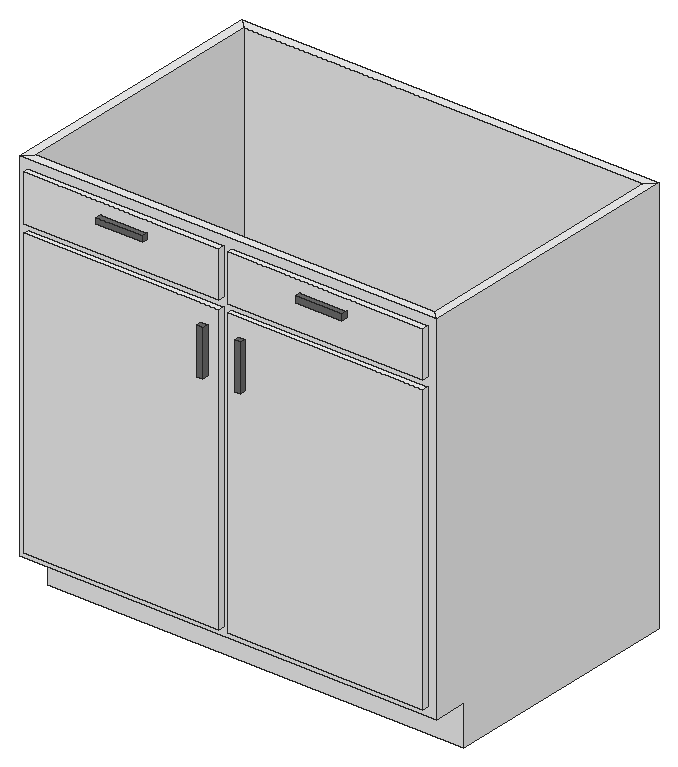
Revit family "591e4b6ad14143c1a204ff781a1cc044", category Casework, Revit 2021
Family settings
  OmniClass Number = 23.40.35.17.47.11
  OmniClass Title = Kitchen Casework
  Seek Item ID = Base Cabinet-Double Door & 2 Drawer-0000-USA-ENU
  Work Plane-Based = No
  Always vertical = Yes
  Cut with Voids When Loaded = No
  Shared = No
  Room Calculation Point = No
Parameters (values of type "36"")
  Default Elevation = 0' - 0"
  Assembly Code = "C1030410"
  Cabinet Material = none
  Depth = 2' - 0"
  Door/Drawer Material = none
  Handle Material = Cabinets - Handles
  Height = 2' - 10 1/2"
  Toe Depth = 0' - 3"
  Toe Height = 0' - 3 1/2"
  Width = 3' - 0"
Types (8): name | Width
  (no name) | 3' - 0"
  30" | 2' - 6"
  36" | 3' - 0"
  42" | 3' - 6"
  48" | 4' - 0"
  33" | 2' - 9"
  39" | 3' - 3"
  45" | 3' - 9"
Reference planes (in)
  plane 1 "Back": y = 0
  plane 2: z = 0
  plane 3 "Center": x = 0.7377
  plane 4 "Left": x = -17.2623
  plane 5 "Right": x = 18.7377
  plane 6 "Front": y = -24
  plane 7 "Top": z = 34.5
  plane 8: y = -21
  plane 9: z = 3.5
  plane 10: z = 33.75
  plane 11: z = 4.25
  plane 12: x = -16.5123
  plane 13: x = 17.9877
  plane 14: z = 29.75
  plane 15: z = 29
  plane 16: x = -9.8873
  plane 17: x = -5.8873
  plane 18: z = 32.75
  plane 19: z = 32.25
  plane 20: z = 27.5
  plane 21: z = 23.5
  plane 22: x = -0.6373
  plane 23: x = -1.1373
  plane 24: x = 0.3627
  plane 25: x = 1.1127
  plane 26: x = 2.1127
  plane 27: x = 2.6127
  plane 28: x = -7.8873
  plane 29: x = 9.3627
  plane 30: x = 7.3627
  plane 31: x = 11.3627
Forms (in)
  Extrusion 1, solid, material <- "Cabinet Material"
    sketch origin (0, 0, 0) x (1, 0, 0) y (0, 1, 0)
      loop
        line (-17.2623, 0) -> (-17.2623, -21) -> (18.7377, -21) -> (18.7377, 0) -> (-17.2623, 0)
    from 0 to 3.5
  Sweep 2, solid, material <- "Cabinet Material"
    path origin (0, 0, 0) x (1, 0, 0) y (0, 1, 0)
      loop
        line (18.7377, 0) -> (-17.2623, 0) -> (-17.2623, -24) -> (18.7377, -24) -> (18.7377, 0)
    profile origin (0, -12, 0) x (1, 0, 0) y (0, 0, 1)
      loop
        line (18.7377, 3.5) -> (18.7377, 34.5) -> (17.9877, 34.5) -> (17.9877, 3.5) -> (18.7377, 3.5)
  Extrusion 3, solid, material <- "Cabinet Material"
    sketch origin (0, 0, 0) x (1, 0, 0) y (0, 1, 0)
      loop
        line (-16.5123, -0.75) -> (-16.5123, -23.25) -> (17.9877, -23.25) -> (17.9877, -0.75) -> (-16.5123, -0.75)
    from 4.25 to 3.5
  Extrusion 4, solid, material <- "Door/Drawer Material"
    sketch origin (0, -24, 0) x (1, 0, 0) y (0, 0, 1)
      loop
        line (-16.5123, 33.75) -> (-16.5123, 29.75) -> (0.3627, 29.75) -> (0.3627, 33.75) -> (-16.5123, 33.75)
      loop
        line (1.1127, 33.75) -> (1.1127, 29.75) -> (17.9877, 29.75) -> (17.9877, 33.75) -> (1.1127, 33.75)
      loop
        line (-16.5123, 29) -> (-16.5123, 4.25) -> (0.3627, 4.25) -> (0.3627, 29) -> (-16.5123, 29)
      loop
        line (1.1127, 29) -> (1.1127, 4.25) -> (17.9877, 4.25) -> (17.9877, 29) -> (1.1127, 29)
    from 0 to 0.5
  Extrusion 5, solid, material "Cabinets - Handles" <- "Handle Material"
    sketch origin (0, -24, 0) x (1, 0, 0) y (0, 0, 1)
      loop
        line (-9.8873, 32.75) -> (-9.8873, 32.25) -> (-5.8873, 32.25) -> (-5.8873, 32.75) -> (-9.8873, 32.75)
      loop
        line (7.3627, 32.75) -> (7.3627, 32.25) -> (11.3627, 32.25) -> (11.3627, 32.75) -> (7.3627, 32.75)
      loop
        line (-1.1373, 27.5) -> (-1.1373, 23.5) -> (-0.6373, 23.5) -> (-0.6373, 27.5) -> (-1.1373, 27.5)
      loop
        line (2.1127, 27.5) -> (2.1127, 23.5) -> (2.6127, 23.5) -> (2.6127, 27.5) -> (2.1127, 27.5)
    from 0.5 to 1
Cuts and joins
  joined: Extrusion 1, Sweep 2
Lines and regions (in)
  Masking region 1
    outline origin (0, 0, 0) x (1, 0, 0) y (0, 1, 0)
      loop
        line (-17.2623, 0) -> (-17.2623, -24) -> (18.7377, -24) -> (18.7377, 0) -> (-17.2623, 0)
  model lines
    curve 1: line (17.9877, -24, 29.75) -> (1.1127, -24, 29.75)
    curve 2: line (17.9877, -24, 33.75) -> (17.9877, -24, 29.75)
    curve 3: line (-16.5123, -24, 33.75) -> (0.3627, -24, 33.75)
    curve 4: line (-16.5123, -24, 29.75) -> (-16.5123, -24, 33.75)
    curve 5: line (17.9877, -24, 4.25) -> (1.1127, -24, 4.25)
    curve 6: line (17.9877, -24, 29) -> (17.9877, -24, 4.25)
    curve 7: line (-16.5123, -24, 29) -> (0.3627, -24, 29)
    curve 8: line (-16.5123, -24, 4.25) -> (-16.5123, -24, 29)
    curve 9: line (-9.8873, -24, 32.75) -> (-5.8873, -24, 32.75)
    curve 10: line (-9.8873, -24, 32.25) -> (-9.8873, -24, 32.75)
    curve 11: line (-5.8873, -24, 32.25) -> (-9.8873, -24, 32.25)
    curve 12: line (-5.8873, -24, 32.75) -> (-5.8873, -24, 32.25)
    curve 13: line (-1.1373, -24, 27.5) -> (-0.6373, -24, 27.5)
    curve 14: line (-1.1373, -24, 23.5) -> (-1.1373, -24, 27.5)
    curve 15: line (-0.6373, -24, 23.5) -> (-1.1373, -24, 23.5)
    curve 16: line (-0.6373, -24, 27.5) -> (-0.6373, -24, 23.5)
    curve 17: line (1.1127, -24, 4.25) -> (1.1127, -24, 29)
    curve 18: line (0.3627, -24, 4.25) -> (0.3627, -24, 29)
    curve 19: line (2.6127, -24, 27.5) -> (2.1127, -24, 27.5)
    curve 20: line (2.6127, -24, 23.5) -> (2.6127, -24, 27.5)
    curve 21: line (2.1127, -24, 23.5) -> (2.6127, -24, 23.5)
    curve 22: line (2.1127, -24, 27.5) -> (2.1127, -24, 23.5)
    curve 23: line (1.1127, -24, 29) -> (17.9877, -24, 29)
    curve 24: line (0.3627, -24, 4.25) -> (-16.5123, -24, 4.25)
    curve 25: line (11.3627, -24, 32.75) -> (7.3627, -24, 32.75)
    curve 26: line (11.3627, -24, 32.25) -> (11.3627, -24, 32.75)
    curve 27: line (7.3627, -24, 32.25) -> (11.3627, -24, 32.25)
    curve 28: line (7.3627, -24, 32.75) -> (7.3627, -24, 32.25)
    curve 29: line (0.3627, -24, 29.75) -> (0.3627, -24, 33.75)
    curve 30: line (1.1127, -24, 29.75) -> (1.1127, -24, 33.75)
    curve 31: line (1.1127, -24, 33.75) -> (17.9877, -24, 33.75)
    curve 32: line (0.3627, -24, 29.75) -> (-16.5123, -24, 29.75)
  model lines, style "InvisibleLines"
    curve 33: line (-16.5123, -24, 16.625) -> (-17.2623, -24, 16.625)
    curve 34: line (17.9877, -24, 16.625) -> (18.7377, -24, 16.625)
  symbolic lines, style "Elevation Swing"
    curve 35: line (0.3627, 0, 29) -> (-16.5123, 0, 16.625)
    curve 36: line (-16.5123, 0, 16.625) -> (0.3627, 0, 4.25)
    curve 37: line (1.1127, 0, 4.25) -> (17.9877, 0, 16.625)
    curve 38: line (17.9877, 0, 16.625) -> (1.1127, 0, 29)
Dimensions and locks (in)
  "Depth": plane 6 "Front" to plane 1 "Back"
  "Width": plane 4 "Left" to plane 5 "Right"
  equal spacing: plane 4 "Left", plane 3 "Center", plane 5 "Right"
  "Height": level to plane 7 "Top"
  "Toe Height": plane 2 to plane 9
  "Toe Depth": plane 6 "Front" to plane 8
  locked: plane 4 "Left" to plane 12 at 0.75
  locked: plane 13 to plane 5 "Right" at 0.75
  locked: plane 7 "Top" to plane 10 at 0.75
  locked: plane 11 to plane 9 at 0.75
  plane 10 to plane 14 to plane 15 = 0' - 4" locked, 0' - 0 3/4" locked
  plane 15 to plane 20 to plane 21 = 0' - 1 1/2" locked, 0' - 4" locked
  plane 10 to plane 18 to plane 19 = 0' - 1" locked, 0' - 0 1/2" locked
  plane 25 to plane 3 "Center" to plane 24 = 0' - 0 3/8" locked, 0' - 0 3/8" locked
  plane 24 to plane 22 to plane 23 = 0' - 1" locked, 0' - 0 1/2" locked
  plane 25 to plane 26 to plane 27 = 0' - 1" locked, 0' - 0 1/2" locked
  equal spacing: plane 12, plane 28, plane 3 "Center"
  equal spacing: plane 13, plane 29, plane 3 "Center"
  plane 16 to plane 28 to plane 17 = 0' - 2" locked, 0' - 2" locked
  plane 30 to plane 29 to plane 31 = 0' - 2" locked, 0' - 2" locked
  equal spacing: plane 15, curve 33, plane 11
  equal spacing: plane 15, curve 34, plane 11
  aligned and locked: plane 1 "Back" to Extrusion 1 sketch curve
  aligned and locked: Extrusion 1 sketch curve to plane 5 "Right"
  aligned and locked: Extrusion 1 sketch curve to plane 8
  aligned and locked: plane 4 "Left" to Extrusion 1 sketch curve
  aligned and locked: Extrusion 1 to level
  aligned and locked: Sweep 2 sketch curve to plane 6 "Front"
  aligned and locked: plane 1 "Back" to Sweep 2 sketch curve
  aligned and locked: Sweep 2 sketch curve to plane 5 "Right"  (x2)
  aligned and locked: plane 4 "Left" to Sweep 2 sketch curve
  aligned and locked: plane 7 "Top" to Sweep 2 sketch curve
  aligned and locked: plane 9 to Sweep 2 sketch curve
  aligned and locked: Sweep 2 to Extrusion 3 sketch curve  (x2)
  aligned and locked: Extrusion 3 sketch curve to Sweep 2  (x2)
  aligned and locked: Extrusion 3 to plane 11
  aligned and locked: Extrusion 3 to plane 9
  aligned and locked: plane 9 to Extrusion 1
  aligned and locked: Masking region 1 sketch curve to plane 5 "Right"
  aligned and locked: plane 1 "Back" to Masking region 1 sketch curve
  aligned and locked: plane 4 "Left" to Masking region 1 sketch curve
  aligned and locked: Masking region 1 sketch curve to plane 6 "Front"
Automatic sketch dimensions
  profile plane to Sweep 2 sketch curve = 0' - 0 3/4"
  Extrusion 4 sketch curve to plane 12 = 0' - 0"  (x2)
  Extrusion 4 sketch curve to plane 10 = 0' - 0"  (x2)
  Extrusion 4 sketch curve to plane 24 = 0' - 0"  (x2)
  Extrusion 4 sketch curve to plane 11 = 0' - 0"  (x2)
  Extrusion 4 sketch curve to plane 14 = 0' - 0"  (x2)
  Extrusion 4 sketch curve to plane 25 = 0' - 0"  (x2)
  Extrusion 4 sketch curve to plane 15 = 0' - 0"  (x2)
  Extrusion 4 sketch curve to plane 13 = 0' - 0"  (x2)
  Extrusion 5 sketch curve to plane 16 = 0' - 0"
  Extrusion 5 sketch curve to plane 17 = 0' - 0"
  Extrusion 5 sketch curve to plane 20 = 0' - 0"  (x2)
  Extrusion 5 sketch curve to plane 23 = 0' - 0"
  Extrusion 5 sketch curve to plane 21 = 0' - 0"  (x2)
  Extrusion 5 sketch curve to plane 22 = 0' - 0"
  Extrusion 5 sketch curve to plane 26 = 0' - 0"
  Extrusion 5 sketch curve to plane 27 = 0' - 0"
  Extrusion 5 sketch curve to plane 18 = 0' - 0"  (x2)
  Extrusion 5 sketch curve to plane 30 = 0' - 0"
  Extrusion 5 sketch curve to plane 19 = 0' - 0"  (x2)
  Extrusion 5 sketch curve to plane 31 = 0' - 0"
  curve 34 to plane 5 "Right" = 0' - 0"
  curve 2 to plane 10 = 0' - 0"
  curve 2 to plane 13 = 0' - 0"
  curve 37 to plane 13 = 0' - 0"
  curve 34 to plane 13 = 0' - 0"
  curve 25 to plane 18 = 0' - 0"
  curve 25 to plane 31 = 0' - 0"
  curve 25 to plane 30 = 0' - 0"
  curve 21 to plane 21 = 0' - 0"
  curve 21 to plane 27 = 0' - 0"
  curve 21 to plane 26 = 0' - 0"
  curve 23 to plane 15 = 0' - 0"
  curve 23 to plane 25 = 0' - 0"
  curve 30 to plane 25 = 0' - 0"
  curve 38 to plane 15 = 0' - 0"
  curve 38 to plane 25 = 0' - 0"
  curve 37 to plane 11 = 0' - 0"
  curve 37 to plane 25 = 0' - 0"
  curve 18 to plane 11 = 0' - 0"
  curve 18 to plane 24 = 0' - 0"
  curve 36 to plane 11 = 0' - 0"
  curve 36 to plane 24 = 0' - 0"
  curve 29 to plane 14 = 0' - 0"
  curve 29 to plane 24 = 0' - 0"
  curve 35 to plane 15 = 0' - 0"
  curve 35 to plane 24 = 0' - 0"
  curve 16 to plane 21 = 0' - 0"
  curve 16 to plane 22 = 0' - 0"
  curve 14 to plane 23 = 0' - 0"
  curve 12 to plane 17 = 0' - 0"
  curve 10 to plane 16 = 0' - 0"
  curve 32 to plane 12 = 0' - 0"
  curve 24 to plane 12 = 0' - 0"
  curve 35 to plane 12 = 0' - 0"
  curve 33 to plane 4 "Left" = 0' - 0"
  curve 29 to plane 10 = 0' - 0"
  curve 9 to plane 18 = 0' - 0"
  curve 27 to plane 19 = 0' - 0"
  curve 10 to plane 19 = 0' - 0"
  curve 1 to plane 14 = 0' - 0"
  curve 7 to plane 15 = 0' - 0"
  curve 22 to plane 20 = 0' - 0"
  curve 13 to plane 20 = 0' - 0"
  curve 5 to plane 11 = 0' - 0"
  curve 37 to curve 34 = 0' - 0"
  curve 36 to curve 33 = 0' - 0"
